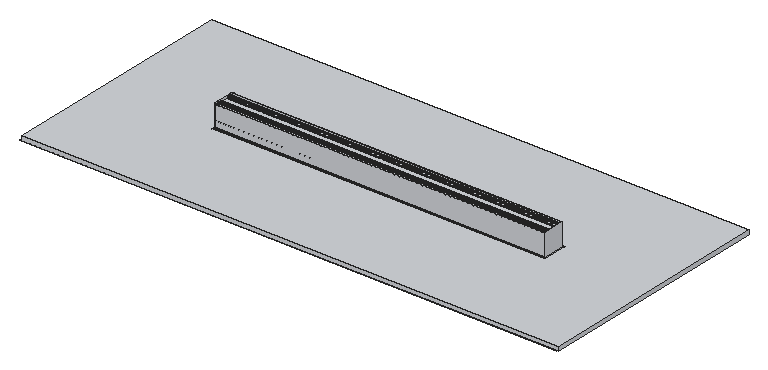
Revit family "Lightline LED 60 - Trimless", category Lighting Fixtures, Revit 2014
Parameters (values of type "L1904")
  Wattage Comments = "17.2"
  Wattage = 17.2 W
  built-in parameter 1150110 = 1 (stored number, unit not read)
  Type Comments = "Recessed Trimless"
  Type = "L1904"
  built-in parameter 1114217 = 1 (stored number, unit not read)
  Tilt Angle = 90.00°
  built-in parameter 1150109 = 1 (stored number, unit not read)
  built-in parameter 1150134 = 12
  built-in parameter 1150113 = 1 (stored number, unit not read)
  Photometric Web File = "L1104-ies.ies"
  Length (mm) = "1150"
  Model = "L1904"
  Manufacturer = "Designed Architectural Lighting"
  Luminous flux of luminaire (lm) = "2560"
  Lumens = 2545.6 lm
  built-in parameter 1150115 = 1 (stored number, unit not read)
  built-in parameter 1150105 = 202.57 (stored number, unit not read)
  built-in parameter 1150137 = (empty or 0)
  built-in parameter 1150139 = (empty or 0)
  built-in parameter 1150112 = 1 (stored number, unit not read)
  built-in parameter 1150114 = 1 (stored number, unit not read)
  Lamp = "LED"
  built-in parameter 1150132 = (empty or 0)
  built-in parameter 1150102 = (empty or 0)
  built-in parameter 1150138 = (empty or 0)
  built-in parameter 1150107 = 4000 (stored number, unit not read)
  built-in parameter 1150106 = 2.0257 (stored number, unit not read)
  Height (mm) = "100"
  built-in parameter 1150104 = 13.75 (stored number, unit not read)
  Dimming Lamp Color Temperature Shift = <None>
  Description = "Recessed Mounted Luminaire"
  Colour temperature (K) = "4000"
  Color Filter = 16777215
  CRI = "80"
  built-in parameter 1114218 = 1 (stored number, unit not read)
  built-in parameter 1150133 = 10 (stored number, unit not read)
  Apparent Load = 17.2 VA
Reference planes
  plane 1 "Light Source Axis (F/B)": y = 0
  plane 2: z = 0
  plane 3 "Light Source Axis (L/R)": x = 0
  plane 4 "Light Source Elevation": z = 0
Forms (mm)
  Extrusion 1, solid
    sketch origin (-338.915, -176.493, -96.875) x (1, 0, 0) y (0, 1, 0)
      loop
        line (-601.085, 595.555) -> (-601.085, -215.544) -> (1232.222, -215.544) -> (1232.222, 595.555) -> (-601.085, 595.555)
      loop
        line (-232.371, 218.612) -> (-232.371, 134.303) -> (906.096, 134.303) -> (906.096, 218.612) -> (-232.371, 218.612)
    from 98.847 to 111.65
  Extrusion 2, solid
    sketch origin (0, 0, 0) x (0, 1, 0) y (0, 0, 1)
      loop
        line (28.957, 16.309) -> (27.659, 16.309) -> (27.659, 14.932) -> (31.41, 12.577) -> (27.704, 8.871) -> (27.704, 1.972) -> (4.741, 1.972) -> (-6.788, 1.972) -> (-27.743, 1.972) -> (-27.743, 8.753) -> (-31.582, 12.592) -> (-27.767, 14.772) -> (-27.767, 16.15) -> (-29.065, 16.15) -> (-32.983, 13.406) -> (-32.86, 11.963) -> (-29.324, 8.427) -> (-29.324, 0) -> (-7.521, 0) -> (4.741, 0) -> (29.286, 0) -> (29.286, 8.339) -> (33.388, 12.441) -> (33.388, 13.224) -> (28.957, 16.309)
    from -564.861 to 560.938
  Extrusion 3, solid
    sketch origin (0, 0, -5.156) x (0, 1, 0) y (0, 0, 1)
      loop
        line (16.378, 38.229) -> (16.378, 39.416) -> (2.258, 39.416) -> (-2.258, 39.416) -> (-16.223, 39.416) -> (-16.223, 38.229) -> (-2.258, 38.229) -> (2.258, 38.229) -> (16.378, 38.229)
    from -558.611 to 560.938
  Extrusion 4, solid
    sketch origin (0, 0, 9.375) x (0, 1, 0) y (0, 0, 1)
      loop
        line (16.454, 38.373) -> (-16.454, 38.373) -> (-25.721, 38.373) -> (-25.721, 51.873) -> (-26.777, 51.873) -> (-26.777, 37.143) -> (-18.204, 37.143) -> (-17.383, 37.143) -> (-17.383, 26.304) -> (-26.378, 26.304) -> (-26.378, 25.351) -> (-28.784, 25.351) -> (-28.784, 18.185) -> (-26.777, 18.185) -> (-29.153, 10.413) -> (-28.005, 10.062) -> (-25.167, 19.346) -> (-27.616, 19.346) -> (-27.616, 23.942) -> (-17.943, 23.942) -> (-17.943, 22.442) -> (-14.39, 22.442) -> (-14.39, 23.698) -> (-16.378, 23.698) -> (-16.378, 24.885) -> (-14.39, 24.885) -> (-14.39, 26.304) -> (-16.378, 26.304) -> (-16.378, 37.143) -> (-10.924, 37.143) -> (10.924, 37.143) -> (16.378, 37.143) -> (16.378, 26.304) -> (14.39, 26.304) -> (14.39, 24.885) -> (16.378, 24.885) -> (16.378, 23.698) -> (14.39, 23.698) -> (14.39, 22.442) -> (17.943, 22.442) -> (17.943, 23.942) -> (27.616, 23.942) -> (27.616, 19.346) -> (25.167, 19.346) -> (28.005, 10.062) -> (29.153, 10.413) -> (26.777, 18.185) -> (28.784, 18.185) -> (28.784, 25.351) -> (26.378, 25.351) -> (26.378, 26.304) -> (17.383, 26.304) -> (17.383, 37.143) -> (18.204, 37.143) -> (26.777, 37.143) -> (26.777, 51.873) -> (25.721, 51.873) -> (25.721, 38.373) -> (16.454, 38.373)
    from -564.861 to 560.938
  Extrusion 5, solid
    sketch origin (-578.847, 0, 0) x (0, 1, 0) y (0, 0, 1)
      loop
        line (24.683, 74.075) -> (-25.559, 74.075) -> (-25.559, 47.748) -> (24.683, 47.748) -> (24.683, 74.075)
    from 138.247 to 438.847
  Extrusion 6, solid
    sketch origin (0, 0, 6.038) x (0, 1, 0) y (0, 0, 1)
      loop
        line (12.488, 35) -> (12.488, 40.479) -> (2.258, 40.479) -> (-2.258, 40.479) -> (-12.685, 40.479) -> (-12.685, 35) -> (-2.258, 35) -> (2.258, 35) -> (12.488, 35)
    from -558.611 to 560.938
  Extrusion 7, solid
    sketch origin (0, 50.897, -5.156) x (0, 1, 0) y (0, 0, 1)
      loop
        line (-17.04, 39.932) -> (-17.04, 21.972) -> (-18.328, 21.972) -> (-19.388, 23.486) -> (-19.388, 26.338) -> (-20.872, 26.338) -> (-20.872, 22.522) -> (-19.058, 19.931) -> (-16.899, 19.931) -> (-16.899, 18.241) -> (-21.601, 13.538) -> (-21.601, 5.156) -> (-20.541, 5.156) -> (-20.541, 9.344) -> (-12.63, 9.344) -> (-12.63, 12.21) -> (-13.651, 12.21) -> (-13.651, 10.836) -> (-15.019, 10.836) -> (-16.899, 12.21) -> (-17.973, 13.744) -> (-16.899, 15.216) -> (-15.487, 17.148) -> (-13.651, 17.148) -> (-13.651, 15.016) -> (-12.63, 15.016) -> (-12.63, 17.46) -> (-14.979, 19.175) -> (-14.979, 21.724) -> (-11.427, 21.724) -> (-11.427, 19.158) -> (-10.401, 19.158) -> (-10.401, 22.711) -> (-14.979, 22.711) -> (-14.979, 96.042) -> (-17.04, 96.042) -> (-17.04, 91.934) -> (-24.158, 91.934) -> (-24.333, 93.93) -> (-25.211, 95.452) -> (-26.906, 96.638) -> (-29.059, 96.638) -> (-30.467, 95.457) -> (-37.299, 95.457) -> (-37.927, 94.828) -> (-37.604, 93.624) -> (-31.807, 93.624) -> (-31.807, 91.934) -> (-40.822, 91.934) -> (-60.973, 91.934) -> (-69.987, 91.934) -> (-69.987, 93.624) -> (-64.19, 93.624) -> (-63.867, 94.828) -> (-64.496, 95.457) -> (-71.327, 95.457) -> (-72.735, 96.638) -> (-74.888, 96.638) -> (-76.583, 95.452) -> (-77.461, 93.93) -> (-77.636, 91.934) -> (-84.754, 91.934) -> (-84.754, 96.042) -> (-86.816, 96.042) -> (-86.816, 22.711) -> (-91.393, 22.711) -> (-91.393, 19.158) -> (-90.367, 19.158) -> (-90.367, 21.724) -> (-86.816, 21.724) -> (-86.816, 19.175) -> (-89.164, 17.46) -> (-89.164, 15.016) -> (-88.143, 15.016) -> (-88.143, 17.148) -> (-86.307, 17.148) -> (-84.896, 15.216) -> (-83.821, 13.744) -> (-84.896, 12.21) -> (-86.776, 10.836) -> (-88.143, 10.836) -> (-88.143, 12.21) -> (-89.164, 12.21) -> (-89.164, 9.344) -> (-81.253, 9.344) -> (-81.253, 5.156) -> (-80.193, 5.156) -> (-80.193, 13.538) -> (-84.896, 18.241) -> (-84.896, 19.931) -> (-82.736, 19.931) -> (-80.922, 22.522) -> (-80.922, 26.338) -> (-82.407, 26.338) -> (-82.407, 23.486) -> (-83.466, 21.972) -> (-84.754, 21.972) -> (-84.754, 39.932) -> (-83.548, 39.932) -> (-82.339, 38.49) -> (-82.339, 35.616) -> (-79.681, 35.616) -> (-79.681, 39.882) -> (-78.478, 39.882) -> (-78.478, 42.005) -> (-84.754, 42.005) -> (-84.754, 44.866) -> (-82.528, 44.866) -> (-80.356, 47.969) -> (-80.356, 51.018) -> (-82.424, 51.018) -> (-82.424, 48.838) -> (-83.375, 46.798) -> (-84.754, 46.798) -> (-84.754, 89.853) -> (-83.614, 89.853) -> (-82.264, 88.244) -> (-82.264, 85.293) -> (-80.337, 85.293) -> (-80.337, 89.853) -> (-77.636, 89.853) -> (-77.636, 85.293) -> (-75.734, 85.293) -> (-75.734, 92.118) -> (-75.368, 93.484) -> (-74.655, 94.198) -> (-73.557, 94.198) -> (-72.79, 93.555) -> (-72.245, 92.057) -> (-72.245, 85.293) -> (-69.784, 85.293) -> (-68.127, 86.453) -> (-68.127, 87.304) -> (-69.987, 87.304) -> (-69.987, 90.058) -> (-61.86, 90.058) -> (-39.934, 90.058) -> (-31.807, 90.058) -> (-31.807, 87.304) -> (-33.667, 87.304) -> (-33.667, 86.453) -> (-32.011, 85.293) -> (-29.549, 85.293) -> (-29.549, 92.057) -> (-29.004, 93.555) -> (-28.238, 94.198) -> (-27.139, 94.198) -> (-26.426, 93.484) -> (-26.06, 92.118) -> (-26.06, 85.293) -> (-24.158, 85.293) -> (-24.158, 89.853) -> (-21.457, 89.853) -> (-21.457, 85.293) -> (-19.53, 85.293) -> (-19.53, 88.244) -> (-18.18, 89.853) -> (-17.04, 89.853) -> (-17.04, 46.798) -> (-18.419, 46.798) -> (-19.37, 48.838) -> (-19.37, 51.018) -> (-21.439, 51.018) -> (-21.439, 47.969) -> (-19.266, 44.866) -> (-17.04, 44.866) -> (-17.04, 42.005) -> (-23.316, 42.005) -> (-23.316, 39.882) -> (-22.113, 39.882) -> (-22.113, 35.616) -> (-19.456, 35.616) -> (-19.456, 38.49) -> (-18.246, 39.932) -> (-17.04, 39.932)
    from -564.861 to 560.938
  Extrusion 8, solid
    sketch origin (-345.165, -175.555, -96.875) x (1, 0, 0) y (0, 1, 0)
      loop
        line (-601.085, 595.555) -> (-601.085, -215.544) -> (1232.222, -215.544) -> (1232.222, 595.555) -> (-601.085, 595.555)
      loop
        line (-221.265, 205.911) -> (-221.265, 145.199) -> (907.69, 145.199) -> (907.69, 205.911) -> (-221.265, 205.911)
    from 96.875 to 98.847
  Extrusion 9, solid
    sketch origin (-720.698, 0, 0) x (0, 1, 0) y (0, 0, 1)
      loop
        line (35.919, 91.482) -> (-35.919, 91.482) -> (-35.919, 14.019) -> (-38.267, 12.304) -> (-38.267, 4.187) -> (-35.919, 4.187) -> (-30.356, 4.187) -> (-30.356, 0) -> (30.356, 0) -> (30.356, 4.187) -> (38.267, 4.187) -> (38.267, 12.304) -> (35.919, 14.019) -> (35.919, 91.482)
    from 154.268 to 155.837
  Extrusion 10, solid
    sketch origin (406.688, 0, 0) x (0, 1, 0) y (0, 0, 1)
      loop
        line (35.919, 91.482) -> (-35.919, 91.482) -> (-35.919, 14.019) -> (-38.267, 12.304) -> (-38.267, 4.187) -> (-35.919, 4.187) -> (-30.356, 4.187) -> (-30.356, 0) -> (30.356, 0) -> (30.356, 4.187) -> (38.267, 4.187) -> (38.267, 12.304) -> (35.919, 14.019) -> (35.919, 91.482)
    from 154.268 to 155.837
  Extrusion 11, solid
    sketch origin (-720.698, 0, 0) x (0, 1, 0) y (0, 0, 1)
      loop
        line (35.919, 91.482) -> (-35.919, 91.482) -> (-35.919, 14.019) -> (-38.267, 12.304) -> (-38.267, 4.187) -> (-35.919, 4.187) -> (-30.356, 4.187) -> (-30.356, 0) -> (30.356, 0) -> (30.356, 4.187) -> (38.267, 4.187) -> (38.267, 12.304) -> (35.919, 14.019) -> (35.919, 91.482)
    from 154.268 to 155.837
  Extrusion 12, solid
    sketch origin (-737.939, 0, 0) x (0, 1, 0) y (0, 0, 1)
      loop
        line (55.475, 1.972) -> (-52.53, 1.972) -> (-52.53, 0.948) -> (55.475, 0.948) -> (55.475, 1.972)
    from 152.694 to 171.509
  Extrusion 13, solid
    sketch origin (-737.939, 0, 0) x (0, 1, 0) y (0, 0, 1)
      loop
        line (38.267, 14.775) -> (-38.267, 14.775) -> (-38.267, 1.972) -> (38.267, 1.972) -> (38.267, 14.775)
    from 170.518 to 171.509
  Extrusion 14, solid
    sketch origin (398.77, 0, 0.001) x (0, 1, 0) y (0, 0, 1)
      loop
        line (55.475, 1.971) -> (30.356, 1.971) -> (30.356, 0.947) -> (55.475, 0.947) -> (55.475, 1.971)
    from -963.631 to 163.755
  Extrusion 15, solid
    sketch origin (392.007, 0, 0) x (0, 1, 0) y (0, 0, 1)
      loop
        line (38.267, 14.775) -> (-38.267, 14.775) -> (-38.267, 1.972) -> (38.267, 1.972) -> (38.267, 14.775)
    from 170.518 to 171.509
  Extrusion 16, solid
    sketch origin (398.77, 11.81, 0.001) x (0, 1, 0) y (0, 0, 1)
      loop
        line (43.665, 1.971) -> (-64.34, 1.971) -> (-64.34, 0.947) -> (43.665, 0.947) -> (43.665, 1.971)
    from 163.755 to 185.646
  Extrusion 17, solid
    sketch origin (398.77, -72.433, 0.001) x (0, 1, 0) y (0, 0, 1)
      loop
        line (42.118, 1.971) -> (19.903, 1.971) -> (19.903, 0.947) -> (42.118, 0.947) -> (42.118, 1.971)
    from -963.631 to 163.755
Dimensions and locks
  aligned and locked: plane 3 "Light Source Axis (L/R)" to imposter light
  aligned and locked: plane 1 "Light Source Axis (F/B)" to imposter light
  aligned and locked: plane 4 "Light Source Elevation" to imposter light
  aligned and locked: level to plane 2
